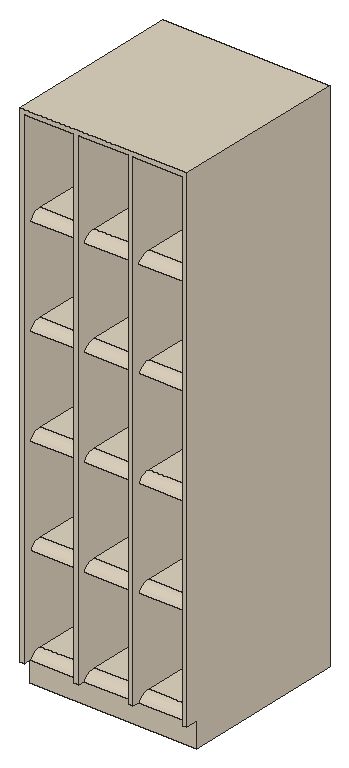
Revit family
Parameters (values of type "Cabinet 2")
  Width = 2' - 3 1/2"
  Toe Kick = Wenger Oyster (Use Oyster Edge Band Only)
  Height = 7' - 1 5/8"
  Edge Banding = Wenger Oyster (Use Oyster Edge Band Only)
  Part # = "250A001"
  Model = "1"
  Manufacturer = "Wenger Corporation"
  Door Width = 0' - 7 7/8"
  Door Style [instance] = No Door : No Door
  Door Material = Wenger Oyster (Use Oyster Edge Band Only)
  Door Height = 1' - 4 3/16"
  Description = "Wenger Cabinet"
  Depth = 2' - 5 1/4"  # constant formula
  Content Creator = "David Brown"
  Assembly Code = ""
Reference planes (in)
  plane 1 "Back": y = 0.75
  plane 2: z = 0
  plane 3 "Center (Left/Right)": x = -1.5123
  plane 4 "Left": x = -15.2623
  plane 5 "Right": x = 12.2377
  plane 6 "Front": y = -28.5
  plane 7 "Top": z = 85.625
  plane 8: y = -0.75
  plane 9: y = -26.5
  plane 10: x = -14.5123
  plane 11: x = 11.4877
  plane 12: x = -6.35605
  plane 13: x = -5.60605
  plane 14: x = 2.58145
  plane 15: x = 3.33145
  plane 16: z = 79.875
  plane 17: z = 4
  plane 18: z = 69.825
  plane 19: z = 68.7
  plane 20: z = 53.65
  plane 21: z = 52.525
  plane 22: z = 37.475
  plane 23: z = 36.35
  plane 24: z = 21.3
  plane 25: z = 20.175
  plane 26: z = 5.125
  plane 27: z = 84.875
  plane 28: y = -27.5
  plane 29: y = -27.5
  plane 30: y = -28.125
Forms (in)
  Extrusion 1, solid, material "Wenger Oyster (Use Oyster Edge Band Only)"
    sketch origin (0, 0, 0) x (1, 0, 0) y (0, 1, 0)
      loop
        line (-15.2623, 0.75) -> (-15.2623, -26.5) -> (12.2377, -26.5) -> (12.2377, 0.75) -> (-15.2623, 0.75)
    from 0 to 4
  Extrusion 2, solid, material "Wenger Oyster (Use Oyster Edge Band Only)"
    sketch origin (0, 0, 0) x (1, 0, 0) y (0, 1, 0)
      loop
        line (-15.2623, 0.75) -> (-15.2623, -28.5) -> (12.2377, -28.5) -> (12.2377, 0.75) -> (-15.2623, 0.75)
    from 4 to 85.625
  Extrusion 3, void
    sketch origin (12.2377, 0, 0) x (0, -1, 0) y (0, 0, 1)
      loop
        line (29.91989, 84.875) -> (0.75, 84.875) -> (0.75, 79.875) -> (-1.83011, 79.875) -> (-1.83011, 69.825) -> (25.37383, 69.825)
        arc (25.37383, 69.825) -> (26.58332, 69.52663) -> (27.5153, 68.7) r 2.60068
        line (27.5153, 68.7) -> (-1.83011, 68.7) -> (-1.83011, 53.65) -> (25.375, 53.65)
        arc (25.375, 53.65) -> (26.52235, 53.34945) -> (27.375, 52.525) r 2.34028
        line (27.375, 52.525) -> (-1.83011, 52.525) -> (-1.83011, 37.475) -> (25.375, 37.475)
        arc (25.375, 37.475) -> (26.52235, 37.17445) -> (27.375, 36.35) r 2.34028
        line (27.375, 36.35) -> (-1.83011, 36.35) -> (-1.83011, 21.3) -> (25.375, 21.3)
        arc (25.375, 21.3) -> (26.52235, 20.99945) -> (27.375, 20.175) r 2.34028
        line (27.375, 20.175) -> (-1.83011, 20.175) -> (-1.83011, 5.125) -> (25.375, 5.125)
        arc (25.375, 5.125) -> (26.52235, 4.82445) -> (27.375, 4) r 2.34028
        line (27.375, 4) -> (29.91989, 4) -> (29.91989, 84.875)
    from 0.75 to 8.90625
  Extrusion 4, void
    sketch origin (12.2377, 0, 0) x (0, -1, 0) y (0, 0, 1)
      loop
        line (29.91989, 84.875) -> (0.75, 84.875) -> (0.75, 79.875) -> (-1.83011, 79.875) -> (-1.83011, 69.825) -> (25.375, 69.825)
        arc (25.375, 69.825) -> (26.57721, 69.5264) -> (27.5, 68.7) r 2.56944
        line (27.5, 68.7) -> (-1.83011, 68.7) -> (-1.83011, 53.65) -> (25.375, 53.65)
        arc (25.375, 53.65) -> (26.57721, 53.3514) -> (27.5, 52.525) r 2.56944
        line (27.5, 52.525) -> (-1.83011, 52.525) -> (-1.83011, 37.475) -> (25.375, 37.475)
        arc (25.375, 37.475) -> (26.57721, 37.1764) -> (27.5, 36.35) r 2.56944
        line (27.5, 36.35) -> (-1.83011, 36.35) -> (-1.83011, 21.3) -> (25.375, 21.3)
        arc (25.375, 21.3) -> (26.57721, 21.0014) -> (27.5, 20.175) r 2.56944
        line (27.5, 20.175) -> (-1.83011, 20.175) -> (-1.83011, 5.125) -> (25.375, 5.125)
        arc (25.375, 5.125) -> (26.57721, 4.8264) -> (27.5, 4) r 2.56944
        line (27.5, 4) -> (29.91989, 4) -> (29.91989, 84.875)
    from 9.65625 to 17.84375
  Extrusion 5, void
    sketch origin (12.2377, 0, 0) x (0, -1, 0) y (0, 0, 1)
      loop
        line (29.91989, 84.875) -> (0.75, 84.875) -> (0.75, 79.875) -> (-1.83011, 79.875) -> (-1.83011, 69.825) -> (25.375, 69.825)
        arc (25.375, 69.825) -> (26.52235, 69.52445) -> (27.375, 68.7) r 2.34028
        line (27.375, 68.7) -> (-1.83011, 68.7) -> (-1.83011, 53.65) -> (25.375, 53.65)
        arc (25.375, 53.65) -> (26.52235, 53.34945) -> (27.375, 52.525) r 2.34028
        line (27.375, 52.525) -> (-1.83011, 52.525) -> (-1.83011, 37.475) -> (25.375, 37.475)
        arc (25.375, 37.475) -> (26.52235, 37.17445) -> (27.375, 36.35) r 2.34028
        line (27.375, 36.35) -> (-1.83011, 36.35) -> (-1.83011, 21.3) -> (25.375, 21.3)
        arc (25.375, 21.3) -> (26.52235, 20.99945) -> (27.375, 20.175) r 2.34028
        line (27.375, 20.175) -> (-1.83011, 20.175) -> (-1.83011, 5.125) -> (25.375, 5.125)
        arc (25.375, 5.125) -> (26.52235, 4.82445) -> (27.375, 4) r 2.34028
        line (27.375, 4) -> (29.91989, 4) -> (29.91989, 84.875)
    from 18.59375 to 26.75
Cuts and joins
  Extrusion 3, Extrusion 4, Extrusion 5 cuts Extrusion 1
  Extrusion 3, Extrusion 4, Extrusion 5 cuts Extrusion 2
  joined: Extrusion 1, Extrusion 2
Lines and regions (in)
  symbolic lines
    curve 1: line (-15.2623, 0.75, 0) -> (12.2377, 0.75, 0)
    curve 2: line (-15.2623, -28.5, 0) -> (-15.2623, 0.75, 0)
    curve 3: line (12.2377, -28.5, 0) -> (-15.2623, -28.5, 0)
    curve 4: line (12.2377, 0.75, 0) -> (12.2377, -28.5, 0)
Dimensions and locks (in)
  "Depth": plane 6 "Front" to plane 1 "Back"
  "Width": plane 4 "Left" to plane 5 "Right"
  equal spacing: plane 4 "Left", plane 3 "Center (Left/Right)", plane 5 "Right"
  "Height": level to plane 7 "Top"
  plane 1 "Back" to plane 8 = 0' - 1 1/2"
  locked: plane 9 to plane 6 "Front" at 2
  locked: plane 4 "Left" to plane 10 at 0.75
  locked: plane 11 to plane 5 "Right" at 0.75
  locked: plane 12 to plane 13 at 0.75
  locked: plane 14 to plane 15 at 0.75
  plane 7 "Top" to plane 16 = 0' - 5 3/4"
  locked: plane 18 to plane 19 at 1.125
  locked: plane 20 to plane 21 at 1.125
  locked: plane 22 to plane 23 at 1.125
  locked: plane 24 to plane 25 at 1.125
  locked: plane 7 "Top" to plane 27 at 0.75
  plane 26 to plane 17 = 0' - 1 1/8"
  equal spacing: plane 27, plane 19, plane 21, plane 23, plane 25, plane 17
  plane 13 to plane 14 = 0' - 8 3/16"
  locked: plane 17 to plane 2 at 4
  plane 6 "Front" to plane 28 = 0' - 1"
  plane 6 "Front" to plane 29 = 0' - 1"
  plane 6 "Front" to plane 30 = 0' - 0 3/8"
  aligned and locked: plane 4 "Left" to Extrusion 1 sketch curve
  aligned and locked: plane 1 "Back" to Extrusion 1 sketch curve
  aligned and locked: plane 9 to Extrusion 1 sketch curve
  aligned and locked: plane 5 "Right" to Extrusion 1 sketch curve
  aligned and locked: plane 17 to Extrusion 1
  aligned and locked: Extrusion 1 to level
  aligned and locked: plane 1 "Back" to Extrusion 2 sketch curve
  aligned and locked: Extrusion 2 sketch curve to plane 6 "Front"
  aligned and locked: plane 5 "Right" to Extrusion 2 sketch curve
  aligned and locked: Extrusion 2 sketch curve to plane 4 "Left"
  aligned and locked: Extrusion 2 to plane 7 "Top"
  aligned and locked: Extrusion 2 to plane 17
  aligned and locked: Extrusion 3 to plane 15
  aligned: Extrusion 3 to plane 5 "Right"
  aligned and locked: plane 11 to Extrusion 3
  aligned and locked: Extrusion 4 to plane 13
  aligned and locked: plane 14 to Extrusion 4
  aligned and locked: Extrusion 5 to plane 10
  aligned and locked: plane 12 to cut or joined group of Extrusion 1, Extrusion 2, Extrusion 3, Extrusion 4, Extrusion 5
  aligned and locked: plane 1 "Back" to curve 1
  aligned and locked: curve 2 to plane 4 "Left"
  aligned and locked: curve 3 to plane 6 "Front"
  aligned and locked: plane 5 "Right" to curve 4
  aligned: cut or joined group of Extrusion 1, Extrusion 2, Extrusion 3, Extrusion 4, Extrusion 5 to nested 1
Automatic sketch dimensions
  Extrusion 5 sketch curve to plane 16 = 0' - 0"
  Extrusion 5 sketch curve to plane 18 = 0' - 0"
  Extrusion 5 sketch curve to plane 19 = 0' - 0"
  Extrusion 5 sketch curve to plane 20 = 0' - 0"
  Extrusion 5 sketch curve to plane 21 = 0' - 0"
  Extrusion 5 sketch curve to plane 22 = 0' - 0"
  Extrusion 5 sketch curve to plane 23 = 0' - 0"
  Extrusion 5 sketch curve to plane 24 = 0' - 0"
  Extrusion 5 sketch curve to plane 25 = 0' - 0"
  Extrusion 5 sketch curve to plane 26 = 0' - 0"
  Extrusion 5 sketch curve to plane 8 = 0' - 0"
  Extrusion 5 sketch curve to plane 17 = 0' - 0"
  Extrusion 5 sketch curve to plane 27 = 0' - 0"
  Extrusion 5 sketch curve to plane 1 "Back" = 0' - 1.08011"  (x5)
  plane 9 to Extrusion 5 sketch curve = 0' - 1 1/8"  (x5)
  Extrusion 5 sketch curve to plane 6 "Front" = 0' - 1 1/8"  (x5)
  plane 6 "Front" to Extrusion 5 sketch curve = 0' - 1.41989"
  Extrusion 3 sketch curve to plane 16 = 0' - 0"
  Extrusion 3 sketch curve to plane 25 = 0' - 0"
  Extrusion 3 sketch curve to plane 24 = 0' - 0"
  Extrusion 3 sketch curve to plane 26 = 0' - 0"
  Extrusion 3 sketch curve to plane 18 = 0' - 0"
  Extrusion 3 sketch curve to plane 23 = 0' - 0"
  Extrusion 3 sketch curve to plane 22 = 0' - 0"
  Extrusion 3 sketch curve to plane 19 = 0' - 0"
  Extrusion 3 sketch curve to plane 20 = 0' - 0"
  Extrusion 3 sketch curve to plane 21 = 0' - 0"
  Extrusion 3 sketch curve to plane 8 = 0' - 0"
  Extrusion 3 sketch curve to plane 17 = 0' - 0"
  Extrusion 3 sketch curve to plane 27 = 0' - 0"
  Extrusion 3 sketch curve to plane 1 "Back" = 0' - 1.08011"  (x5)
  plane 9 to Extrusion 3 sketch curve = 0' - 1 1/8"  (x4)
  plane 9 to Extrusion 3 sketch curve = 0' - 1.12617"
  Extrusion 3 sketch curve to plane 6 "Front" = 0' - 1 1/8"  (x4)
  plane 6 "Front" to Extrusion 3 sketch curve = 0' - 1.41989"
  Extrusion 3 sketch curve to plane 28 = 0' - 0.0153"
  Extrusion 4 sketch curve to plane 16 = 0' - 0"
  Extrusion 4 sketch curve to plane 25 = 0' - 0"
  Extrusion 4 sketch curve to plane 24 = 0' - 0"
  Extrusion 4 sketch curve to plane 26 = 0' - 0"
  Extrusion 4 sketch curve to plane 18 = 0' - 0"
  Extrusion 4 sketch curve to plane 23 = 0' - 0"
  Extrusion 4 sketch curve to plane 22 = 0' - 0"
  Extrusion 4 sketch curve to plane 19 = 0' - 0"
  Extrusion 4 sketch curve to plane 20 = 0' - 0"
  Extrusion 4 sketch curve to plane 21 = 0' - 0"
  Extrusion 4 sketch curve to plane 8 = 0' - 0"
  Extrusion 4 sketch curve to plane 17 = 0' - 0"
  Extrusion 4 sketch curve to plane 27 = 0' - 0"
  Extrusion 4 sketch curve to plane 1 "Back" = 0' - 1.08011"  (x5)
  plane 9 to Extrusion 4 sketch curve = 0' - 1 1/8"  (x5)
  plane 29 to Extrusion 4 sketch curve = 0' - 0"
  Extrusion 4 sketch curve to plane 29 = 0' - 0"  (x4)
  plane 6 "Front" to Extrusion 4 sketch curve = 0' - 1.41989"
Nested families (in)
  nested 1: "No Door" at (-10.5123, -28.375, 68.75), type <- "Door Style", type "No Door"
  nested 2: "Label Annotation 1-8" at (-1.5123, -15.34186, 0), type "Label Annotation 1-8"
  nested 3: "No Door" at (-1.59042, -28.375, 68.75), type <- "Door Style", type "No Door"
  nested 4: "No Door" at (7.33145, -28.375, 68.75), type <- "Door Style", type "No Door"
  nested 5: "No Door" at (-10.5123, -28.375, 52.575), type <- "Door Style", type "No Door"
  nested 6: "No Door" at (-1.59042, -28.375, 52.575), type <- "Door Style", type "No Door"
  nested 7: "No Door" at (7.33145, -28.375, 52.575), type <- "Door Style", type "No Door"
  nested 8: "No Door" at (-10.5123, -28.375, 36.4), type <- "Door Style", type "No Door"
  nested 9: "No Door" at (-1.59042, -28.375, 36.4), type <- "Door Style", type "No Door"
  nested 10: "No Door" at (7.33145, -28.375, 36.4), type <- "Door Style", type "No Door"
  nested 11: "No Door" at (-10.5123, -28.375, 20.225), type <- "Door Style", type "No Door"
  nested 12: "No Door" at (-1.59042, -28.375, 20.225), type <- "Door Style", type "No Door"
  nested 13: "No Door" at (7.33145, -28.375, 20.225), type <- "Door Style", type "No Door"
  nested 14: "No Door" at (-10.5123, -28.375, 4.05), type <- "Door Style", type "No Door"
  nested 15: "No Door" at (-1.59042, -28.375, 4.05), type <- "Door Style", type "No Door"
  nested 16: "No Door" at (7.33145, -28.375, 4.05), type <- "Door Style", type "No Door"
Definition of nested family "No Door"
  Parameters
    Manufacturer = "Wenger Corporation"
    Door Width = 4' - 2"
    Door Material = none
    Door Height = 2' - 7 25/64"
    Content Creator = "David Brown"
  Reference planes (in)
    plane 1 "Center (Front/Back)": y = 0
    plane 2: z = 0
    plane 3 "Center (Left/Right)": x = 0
    plane 4: x = -25
    plane 5: x = 25
    plane 6: y = 0.75
    plane 7: z = 31.39062
  Dimensions and locks (in)
    locked: plane 1 "Center (Front/Back)" to plane 6 at 0.75
    equal spacing: plane 4, plane 3 "Center (Left/Right)", plane 5
    "Door Width": plane 4 to plane 5
    "Door Height": plane 7 to plane 2
Definition of nested family "Label Annotation 1-8"
  Parameters
    Label = "1"
  Reference planes (in)
    plane 1: y = 0
    plane 2: x = 0
  Text (in)
    label "Label" at (0.00375, -0.00345, 0), shows "Label"
